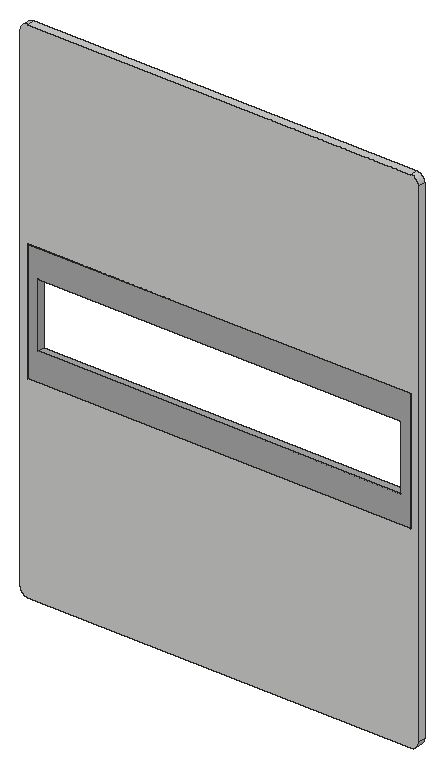
Revit family "Building-ContenitoriParete-GEWISS-44CEP-PANNELLI_DIN_1X", category Apparecchi elettrici, Revit 2016
Family settings
  Mantenere orientamento annotazione = No
  Tipo di parte = Normale
  Quota connettore circolare = Usa diametro
  Numero OmniClass = 23.80.30.11.17
  Titolo OmniClass = Distribution Boards and Control Panels
  Basato su piano di lavoro = Sì
  Sempre verticale = No
  Taglio con vuoti quando caricato = No
  Condiviso = No
  Punto di calcolo locali = Sì
Parameters (values of type "GW44853 - PANNELLO FRONTALE FIN.14M.CEP 316X396")
  Watt = "NP"  # constant formula
  Voltaggio = "NP"  # constant formula
  Versione file RFA = "18.0"
  URL = "https://www.gewiss.com/it/it"
  Tipo Materiale = "Halogen free secondo norma EN 50267-2-2"
  Scheda Tecnica = "https://www.gewiss.com/it/it/search?q=GW44853"
  SEO = "Pannello"
  Produttore = "GEWISS S.p.A."
  Per quadri: = "44 CEP"
  Per quadri BxH (mm) = "316x396"
  N. mod. EN 50022: = "14"
  N. mod. EN 50022 = "14"
  Modello = "GW44853"
  Larghezza foro = 252 mm
  Immagine tipo = GW44852.jpg
  IFC.TypeObject = ""
  IFC.ExportType = ""
  IFC.ExportAs = ""
  IDT = "6b5b4bd3-b3c6-410c-8e2b-0edb16ce71f3"
  IDF = "e5b4c7fc-f8a6-4209-b309-5f046737254a"
  GEWISS SCHEDA TECNICA = "http://pro.gewiss.com/irj/portal/?NavigationTarget=pcd:portal_content/com.gewiss.ZPPFDMain/com.gewiss.ZPPFDITMain/com.gewiss.ZPPFDITMainDefault/com.gewiss.ZPPFDITPages/com.gewiss.ZPPFDITPagesAP/com.gewiss.ZPPFDITPagesAPCatalogo/com.gewiss.ZPPPDITAPProductDetail&codProd=GW44853"
  Default Elevation = 1219.2 mm
  Pannello = GEWISS - GRIGIO RAL 7035
  Lunghezza = 276 mm
  Spessore = 5 mm
  H_da terra = 547.11 mm
  Descrizione = "PANNELLO FRONTALE FIN.14M.CEP 316X396"
  Creato da GEWISS S.p.A. = ""
  Cornice = GEWISS - GRIGIO
  Colore = "Grigio RAL 7035"
  Codice Electrocod = "1310"
  Codice EAN = "8011564111349"
  Catalogo Serie = "44 CEP"
  Catalogo = "BUILDING"
  Caratteristiche = "Halogen free"
  COBie.Tagnumber = ""
  COBie.CreatedOn = ""
  COBie.CreatebBy = ""
  COBie.ComponentRegisterItemID = ""
  COBie.Component.TagNumber = ""
  COBie.Component.Space = ""
  COBie.Component.SerialNumber = ""
  COBie.Component.InstallationDate = ""
  COBie.Component.Description = ""
  COBie.Component.BarCode = ""
  Altezza = 356 mm
  Adatto per = "Scatolati max160 A"
Types (3, lengths in mm): name | URL | Scheda Tecnica | Produttore | Per quadri BxH (mm) | N. mod. EN 50022: | N. mod. EN 50022 | Modello | Larghezza foro | IDT | GEWISS SCHEDA TECNICA | Lunghezza | Descrizione | Codice EAN | Altezza | Adatto per
  (no name) | 0 | "" | 0 | "" | "" | "" | 0 | 252 | "" | "http://pro.gewiss.com/irj/portal/?NavigationTarget=pcd:portal_content/com.gewiss.ZPPFDMain/com.gewiss.ZPPFDITMain/com.gewiss.ZPPFDITMainDefault/com.gewiss.ZPPFDITPages/com.gewiss.ZPPFDITPagesAP/com.gewiss.ZPPFDITPagesAPCatalogo/com.gewiss.ZPPPDITAPProductDetail&codProd=GW44853" | 276 | 0 | "" | 356 | ""
  GW44852 - PANNELLO FRONTALE FIN.8M.CEP 236X316 | "https://www.gewiss.com/it/it" | "https://www.gewiss.com/it/it/search?q=GW44852" | "GEWISS S.p.A." | "236x316" | "8" | "8" | "GW44852" | 144 | "ceb703c2-6d4a-4851-b86c-498e80fab26c" | "http://pro.gewiss.com/irj/portal/?NavigationTarget=pcd:portal_content/com.gewiss.ZPPFDMain/com.gewiss.ZPPFDITMain/com.gewiss.ZPPFDITMainDefault/com.gewiss.ZPPFDITPages/com.gewiss.ZPPFDITPagesAP/com.gewiss.ZPPFDITPagesAPCatalogo/com.gewiss.ZPPPDITAPProductDetail&codProd=GW44852" | 196 | "PANNELLO FRONTALE FIN.8M.CEP 236X316" | "8011564111332" | 276 | "Scatolati max125 A"
  GW44853 - PANNELLO FRONTALE FIN.14M.CEP 316X396 | "https://www.gewiss.com/it/it" | "https://www.gewiss.com/it/it/search?q=GW44853" | "GEWISS S.p.A." | "316x396" | "14" | "14" | "GW44853" | 252 | "6b5b4bd3-b3c6-410c-8e2b-0edb16ce71f3" | "http://pro.gewiss.com/irj/portal/?NavigationTarget=pcd:portal_content/com.gewiss.ZPPFDMain/com.gewiss.ZPPFDITMain/com.gewiss.ZPPFDITMainDefault/com.gewiss.ZPPFDITPages/com.gewiss.ZPPFDITPagesAP/com.gewiss.ZPPFDITPagesAPCatalogo/com.gewiss.ZPPPDITAPProductDetail&codProd=GW44853" | 276 | "PANNELLO FRONTALE FIN.14M.CEP 316X396" | "8011564111349" | 356 | "Scatolati max160 A"
Values of the unnamed type that differ from the named types
  Versione file RFA = ""
  Tipo Materiale = ""
  SEO = ""
  Per quadri: = ""
  IDF = ""
  Colore = ""
  Codice Electrocod = ""
  Catalogo Serie = ""
  Catalogo = ""
  Caratteristiche = ""
Reference planes
  plane 1 "Centro (Fronte/Retro)": y = 0
  plane 2: z = 0
  plane 3 "Centro (Sinistra/Destra)": x = 0
  plane 4: x = -138
  plane 5: x = 138
  plane 6: y = 5
  plane 7: z = 547.11
  plane 8: z = 903.11
  plane 9: x = -126
  plane 10: z = 702.61
  plane 11: x = 126
  plane 12: z = 747.61
  plane 13: z = 725.11
  plane 14: x = -132.529
  plane 15: x = 132.529
  plane 16: z = 767.192
  plane 17: z = 683.028
Forms (mm)
  Extrusion 1, solid, material "GEWISS - GRIGIO RAL 7035" <- "Pannello"
    sketch origin (0, 0, 0) x (1, 0, 0) y (0, 0, 1)
      loop
        line (-132.529, 767.192) -> (-132.529, 683.028) -> (132.529, 683.028) -> (132.529, 767.192) -> (-132.529, 767.192)
      loop
        arc (-132.613, 903.11) -> (-136.422, 901.532) -> (-138, 897.723) r 5.387
        line (-138, 897.723) -> (-138, 552.497)
        arc (-138, 552.497) -> (-136.422, 548.688) -> (-132.613, 547.11) r 5.387
        line (-132.613, 547.11) -> (132.613, 547.11)
        arc (132.613, 547.11) -> (136.422, 548.688) -> (138, 552.497) r 5.387
        line (138, 552.497) -> (138, 897.723)
        arc (138, 897.723) -> (136.422, 901.532) -> (132.613, 903.11) r 5.387
        line (132.613, 903.11) -> (-132.613, 903.11)
    from -5 to 0
  Extrusion 2, solid, material "GEWISS - GRIGIO" <- "Cornice"
    sketch origin (0, 0, 0) x (1, 0, 0) y (0, 0, 1)
      loop
        line (-132.529, 767.192) -> (-132.529, 683.028) -> (132.529, 683.028) -> (132.529, 767.192) -> (-132.529, 767.192)
      loop
        line (-126, 747.61) -> (-126, 702.61) -> (126, 702.61) -> (126, 747.61) -> (-126, 747.61)
    from -5 to 0
Lines and regions (mm)
  Masking region 1
    outline origin (0, 0, 0) x (1, 0, 0) y (0, 1, 0)
      loop
        line (-138, 0) -> (138, 0) -> (138, 5) -> (-138, 5) -> (-138, 0)
  Masking region 2
    outline origin (0, 0, 0) x (0, 1, 0) y (0, 0, 1)
      loop
        line (0, 903.11) -> (0, 547.11) -> (5, 547.11) -> (5, 903.11) -> (0, 903.11)
Dimensions and locks
  "Spessore": plane 1 "Centro (Fronte/Retro)" to plane 6
  "H_da terra": plane 7 to plane 2
  "Altezza": plane 8 to plane 7
  equal spacing: plane 12, plane 13, plane 10
  locked: plane 12 to plane 10 at 45
  equal spacing: plane 8, plane 13, plane 7
  equal spacing: plane 5, plane 3 "Centro (Sinistra/Destra)", plane 4
  "Lunghezza": plane 5 to plane 4
  "Larghezza foro": plane 11 to plane 9
  equal spacing: plane 11, plane 3 "Centro (Sinistra/Destra)", plane 9
  equal spacing: plane 15, plane 3 "Centro (Sinistra/Destra)", plane 14
  equal spacing: plane 16, plane 13, plane 17
  locked: plane 9 to plane 14 at 6.529
  locked: plane 16 to plane 12 at 19.582
  aligned and locked: level to plane 2
  aligned and locked: plane 5 to Extrusion 1
  aligned and locked: nested 1 to plane 13
  aligned and locked: plane 3 "Centro (Sinistra/Destra)" to nested 1
  aligned and locked: plane 16 to nested 1
  aligned and locked: plane 17 to nested 1
  aligned and locked: plane 15 to nested 1
  aligned and locked: plane 14 to nested 1
  aligned and locked: nested 1 to Extrusion 1
  aligned and locked: Extrusion 1 to nested 1  (x3)
  aligned and locked: Extrusion 2 sketch curve to Extrusion 1  (x4)
  aligned and locked: Extrusion 2 sketch curve to nested 1  (x4)
  aligned and locked: plane 6 to Extrusion 2
  aligned and locked: plane 1 "Centro (Fronte/Retro)" to Extrusion 2
Automatic sketch dimensions
  Masking region 2 sketch curve to plane 8 = 0 mm
  Masking region 1 sketch curve to plane 4 = 0 mm
  Masking region 1 sketch curve to plane 5 = 0 mm
  Masking region 2 sketch curve to plane 7 = 0 mm
  plane 1 "Centro (Fronte/Retro)" to Masking region 1 sketch curve = 0 mm
  Masking region 1 sketch curve to plane 6 = 0 mm
  Masking region 2 sketch curve to plane 1 "Centro (Fronte/Retro)" = 0 mm
  Masking region 2 sketch curve to plane 6 = 0 mm
  Extrusion 1 sketch curve to plane 4 = 0 mm
  Extrusion 1 sketch curve to plane 7 = 0 mm
  Extrusion 1 sketch curve to plane 8 = 0 mm
  Extrusion 1 sketch curve to plane 9 = 6.529 mm
  Extrusion 1 sketch curve to plane 10 = 19.582 mm
  plane 11 to Extrusion 1 sketch curve = 6.529 mm
  Extrusion 1 sketch curve to plane 5 = 0 mm
  plane 12 to Extrusion 1 sketch curve = 19.582 mm
  Extrusion 1 sketch curve to Extrusion 1 sketch curve = 5.387 mm  (x3)
  plane 4 to Extrusion 1 sketch curve = 5.387 mm
Nested families
  nested 1: "2D - CEP PANNELLI DIN 1 FILA" at (0, 0, 725.11) x (1, 0, 0) z (0, -1, 0), Altezza <- "Altezza", Larghezza <- "Lunghezza", Larghezza foro <- "Larghezza foro", type "1 foro"
    with Larghezza foro 252 mm, Larghezza 276 mm, Altezza 356 mm
Definition of nested family "2D - CEP PANNELLI DIN 1 FILA"
  Parameters (values of type "1 foro")
    Larghezza foro [instance] = 252.046 mm
    Larghezza [instance] = 396 mm
    Altezza foro = 45 mm  # constant formula
    Altezza [instance] = 474 mm
    2 fori = no
    1 foro = yes
  Types (2, lengths in mm): name | Larghezza foro | 2 fori | 1 foro
    1 foro | 252.046 | no | yes
    2 fori | 156 | yes | no
  Reference planes
    plane 1 "Centro (Fronte/Retro)": y = 0
    plane 2: z = 0
    plane 3 "Centro (Sinistra/Destra)": x = 0
    plane 4: x = -198
    plane 5: x = 198
    plane 6: y = 237
    plane 7: y = -237
    plane 8: x = -126.023
    plane 9: x = 126.023
    plane 10: y = 22.5
    plane 11: y = -22.5
    plane 12: x = -132.552
    plane 13: x = 132.552
    plane 14: y = -42.082
    plane 15: y = 42.082
  Lines and regions (mm)
    model lines, in view "Livello rif."
      curve 1: line (-188.613, -237, 0) -> (-192.172, -236.299, 0)
      curve 2: line (-192.172, -236.299, 0) -> (-195.251, -234.251, 0)
      curve 3: line (-195.251, -234.251, 0) -> (-197.445, -230.793, 0)
      curve 4: line (-197.445, -230.793, 0) -> (-198, -227.613, 0)
      curve 5: line (-198, -227.613, 0) -> (-198, 226.674, 0)
      curve 6: line (198, 226.674, 0) -> (198, -227.613, 0)
      curve 7: line (198, -227.613, 0) -> (197.281, -231.215, 0)
      curve 8: line (197.281, -231.215, 0) -> (195.251, -234.251, 0)
      curve 9: line (195.251, -234.251, 0) -> (192.25, -236.267, 0)
      curve 10: line (192.25, -236.267, 0) -> (188.613, -237, 0)
      curve 11: line (188.613, -237, 0) -> (-188.613, -237, 0)
      curve 12: line (-198, 226.674, 0) -> (-198, 227.613, 0)
      curve 13: line (-198, 227.613, 0) -> (-197.339, 231.072, 0)
      curve 14: line (-197.339, 231.072, 0) -> (-195.362, 234.137, 0)
      curve 15: line (-195.362, 234.137, 0) -> (-192.869, 235.98, 0)
      curve 16: line (-192.869, 235.98, 0) -> (-188.613, 237, 0)
      curve 17: line (-188.613, 237, 0) -> (188.613, 237, 0)
      curve 18: line (188.613, 237, 0) -> (192.796, 236.016, 0)
      curve 19: line (192.796, 236.016, 0) -> (195.251, 234.251, 0)
      curve 20: line (195.251, 234.251, 0) -> (197.047, 231.734, 0)
      curve 21: line (197.047, 231.734, 0) -> (198, 227.613, 0)
      curve 22: line (198, 227.613, 0) -> (198, 226.674, 0)
    detail lines, in view "Livello rif."
      curve 23: line (-126.023, -22.5, 0) -> (126.023, -22.5, 0)
      curve 24: line (-126.023, 22.5, 0) -> (-126.023, -22.5, 0)
      curve 25: line (126.023, 22.5, 0) -> (-126.023, 22.5, 0)
      curve 26: line (126.023, -22.5, 0) -> (126.023, 22.5, 0)
      curve 27: line (-132.552, -42.082, 0) -> (132.552, -42.082, 0)
      curve 28: line (-132.552, 42.082, 0) -> (-132.552, -42.082, 0)
      curve 29: line (132.552, 42.082, 0) -> (-132.552, 42.082, 0)
      curve 30: line (132.552, -42.082, 0) -> (132.552, 42.082, 0)
  Dimensions and locks
    equal spacing: plane 6, plane 1 "Centro (Fronte/Retro)", plane 7
    "Altezza": plane 6 to plane 7
    "Larghezza": plane 4 to plane 5
    equal spacing: plane 8, plane 3 "Centro (Sinistra/Destra)", plane 9
    "Larghezza foro": plane 8 to plane 9
    equal spacing: plane 10, plane 1 "Centro (Fronte/Retro)", plane 11
    "Altezza foro": plane 10 to plane 11
    locked: plane 12 to plane 8 at 6.529
    locked: plane 9 to plane 13 at 6.529
    locked: plane 15 to plane 10 at 19.582
    locked: plane 11 to plane 14 at 19.582
    equal spacing: plane 4, plane 3 "Centro (Sinistra/Destra)", plane 5
    aligned and locked: curve 17 to plane 6
    aligned and locked: plane 7 to curve 11
    aligned and locked: curve 6 to plane 5
    aligned and locked: plane 4 to curve 5
    aligned and locked: curve 23 to plane 11
    aligned and locked: curve 24 to plane 8
    aligned and locked: plane 10 to curve 25
    aligned and locked: curve 26 to plane 9
    aligned and locked: curve 27 to plane 14
    aligned and locked: curve 28 to plane 12
    aligned and locked: plane 15 to curve 29
    aligned and locked: plane 13 to curve 30
  Automatic sketch dimensions
    plane 4 to curve 3 = 0.555 mm
    plane 4 to curve 14 = 0.661 mm
    plane 4 to curve 15 = 2.638 mm
    plane 4 to curve 3 = 2.749 mm
    curve 15 to plane 6 = 1.02 mm
    curve 14 to curve 15 = 2.493 mm
    plane 7 to curve 2 = 0.701 mm
    curve 2 to curve 2 = 3.078 mm
    curve 15 to curve 16 = 4.256 mm
    curve 1 to curve 1 = 3.56 mm
    curve 17 to plane 5 = 9.387 mm
    curve 10 to plane 5 = 9.387 mm
    plane 7 to curve 10 = 0.733 mm
    curve 10 to curve 10 = 3.637 mm
    curve 19 to plane 6 = 0.984 mm
    curve 17 to curve 19 = 4.183 mm
    curve 19 to plane 5 = 2.749 mm
    curve 8 to plane 5 = 2.749 mm
    curve 21 to plane 5 = 0.953 mm
    curve 7 to plane 5 = 0.719 mm
    plane 7 to curve 2 = 2.749 mm
    plane 7 to curve 8 = 2.749 mm
    curve 8 to curve 7 = 3.036 mm
    curve 2 to curve 4 = 3.458 mm
    curve 3 to curve 5 = 3.18 mm
    curve 7 to curve 6 = 3.602 mm
    curve 22 to plane 6 = 10.326 mm
    curve 12 to plane 6 = 10.326 mm
    curve 6 to curve 21 = 0.939 mm
    curve 5 to curve 12 = 0.939 mm
    curve 12 to curve 14 = 3.46 mm
    curve 21 to curve 20 = 4.121 mm
    curve 14 to plane 6 = 2.863 mm
    curve 19 to plane 6 = 2.749 mm
